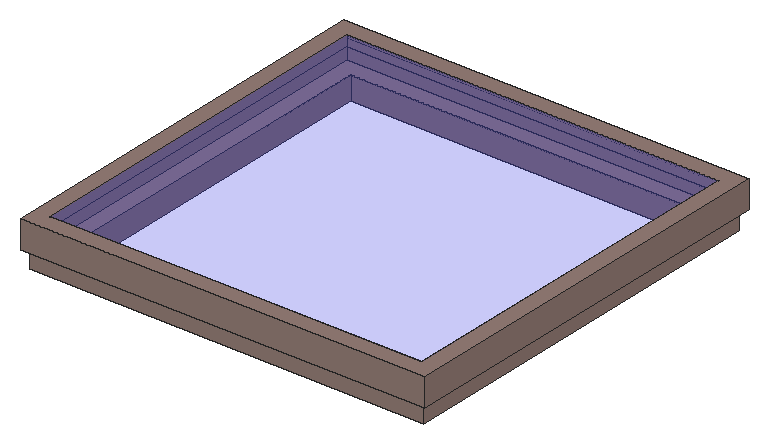
Revit family "M_Claraboia-plana", category Janelas, Revit 2019
Family settings
  Hospedeiro = Telhado
  Número OmniClass = 23.30.30.00
  Título OmniClass = Skylights
  Sempre na vertical = Não
  Corte com vazios quando carregada = Não
  Compartilhado = Não
  Ponto de cálculo do ambiente = Não
Parameters (values of type "900 x 900mm")
  Width = 900 mm
  Visual Light Transmittance = 0.9
  Resistência térmica (R) = 0.174331 (m²·K)/W
  Solar Heat Gain Coefficient = 0.86
  Rough Width = Width + 15 mm  # 915 mm
  Rough Height = Height + 15 mm  # 915 mm
  Height = 900 mm
  Coeficiente de transferência de calor (U) = 5.73618 W/(m²·K)
  Material do painel de vidro = Vidro
  Material da moldura = Metal - Bronze, Escovado leve
  Classificação de incêndio = "0.5h"
  Altura base = 80 mm
  Código de montagem = "B2020100"
  Construção analítica = "Janelas de vidraça única – residencial"
Reference planes
  plane 1 "Centro (Frente/Trás)": y = 0
  plane 2 "Telhado": z = 3657.6
  plane 3 "Centro (Esquerda/Direita)": x = 0
  plane 4: x = -450
  plane 5: x = 450
  plane 6: y = 450
  plane 7: y = -450
  plane 8: y = 386.5
  plane 9: y = -386.5
  plane 10: x = -386.5
  plane 11: x = 386.5
  plane 12: x = -462.7
  plane 13: x = 462.7
  plane 14: y = 462.7
  plane 15: y = -462.7
  plane 16: z = 3887.6
  plane 17: z = 3913
  plane 18: y = 424.6
  plane 19: y = -424.6
  plane 20: x = -424.6
  plane 21: x = 424.6
  plane 22: z = 3862.2
Forms (mm)
  Sweep 1, solid, material "Metal - Bronze, Escovado leve" <- "Material da moldura"
    path origin (0, 0, 3657.6) x (1, 0, 0) y (0, 1, 0)
      loop
        line (-450, 450) -> (-450, -450) -> (450, -450) -> (450, 450) -> (-450, 450)
    profile origin (0, 450, 3657.6) x (0, 1, 0) y (0, 0, 1)
      loop
        line (0, 150) -> (0, 230) -> (-25.4, 230) -> (-25.4, 204.6) -> (-63.5, 204.6) -> (-63.5, 150) -> (0, 150)
  Sweep 2, solid, material "Metal - Bronze, Escovado leve" <- "Material da moldura"
    path origin (0, 0, 3657.6) x (1, 0, 0) y (0, 1, 0)
      loop
        line (-450, 450) -> (-450, -450) -> (450, -450) -> (450, 450) -> (-450, 450)
    profile origin (0, 450, 3657.6) x (0, 1, 0) y (0, 0, 1)
      loop
        line (-25.4, 230) -> (0, 230) -> (0, 191.9) -> (12.7, 191.9) -> (12.7, 255.4) -> (-25.4, 255.4) -> (-25.4, 230)
  Extrusion 3, solid, material "Vidro" <- "Material do painel de vidro"
    sketch origin (-228.6, -4572, 3913) x (-1, 0, 0) y (0, -1, 0)
      loop
        line (196, -4996.6) -> (196, -4147.4) -> (-653.2, -4147.4) -> (-653.2, -4996.6) -> (196, -4996.6)
    from 0 to -5.556
Lines and regions (mm)
  Opening 1
    outline origin (0, 0, 3807.6) x (0, 1, 0) y (-1, 0, 0)
      loop
        line (386.5, 386.5) -> (-386.5, 386.5) -> (-386.5, -386.5) -> (386.5, -386.5) -> (386.5, 386.5)
Dimensions and locks
  equal spacing: host sketch curve, plane 3 "Centro (Esquerda/Direita)", host sketch curve
  equal spacing: host sketch curve, plane 1 "Centro (Frente/Trás)", host sketch curve
  equal spacing: plane 6, plane 1 "Centro (Frente/Trás)", plane 7
  equal spacing: plane 4, plane 3 "Centro (Esquerda/Direita)", plane 5
  "Width": plane 4 to plane 5
  "Height": plane 6 to plane 7
  locked: plane 6 to plane 8 at 63.5
  locked: plane 9 to plane 7 at 63.5
  locked: plane 4 to plane 10 at 63.5
  locked: plane 11 to plane 5 at 63.5
  locked: plane 12 to plane 4 at 12.7
  locked: plane 5 to plane 13 at 12.7
  locked: plane 7 to plane 15 at 12.7
  "Altura base": host roof to plane 16
  locked: plane 17 to plane 16 at 25.4
  locked: Sweep 2 sketch curve to plane 16 at 38.1
  locked: plane 6 to plane 18 at 25.4
  locked: plane 19 to plane 7 at 25.4
  locked: plane 4 to plane 20 at 25.4
  locked: plane 21 to plane 5 at 25.4
  locked: plane 22 to plane 16 at 25.4
  locked: plane 14 to plane 6 at 12.7
  aligned and locked: plane 2 "Telhado" to level
  aligned and locked: Opening 1 sketch curve to plane 8
  aligned and locked: plane 10 to Opening 1 sketch curve
  aligned and locked: plane 9 to Opening 1 sketch curve
  aligned and locked: Opening 1 sketch curve to plane 11
  aligned and locked: Sweep 1 sketch curve to plane 6  (x2)
  aligned and locked: plane 4 to Sweep 1 sketch curve
  aligned and locked: plane 7 to Sweep 1 sketch curve
  aligned and locked: Sweep 1 sketch curve to plane 5
  aligned and locked: host roof to Sweep 1 sketch curve
  aligned and locked: plane 16 to Sweep 1 sketch curve
  aligned and locked: Sweep 2 sketch curve to Sweep 1  (x4)
  aligned and locked: plane 17 to Sweep 2 sketch curve
  aligned and locked: plane 14 to Sweep 2 sketch curve
  aligned and locked: Sweep 2 sketch curve to plane 6
  aligned and locked: plane 16 to Sweep 2 sketch curve
  aligned and locked: plane 18 to Sweep 2 sketch curve
  aligned and locked: Extrusion 3 to plane 21
  aligned and locked: plane 8 to Sweep 1 sketch curve
  aligned and locked: Sweep 1 sketch curve to plane 18
  aligned and locked: Sweep 1 sketch curve to plane 22
  aligned and locked: Extrusion 3 sketch curve to plane 19
  aligned and locked: plane 20 to Extrusion 3 sketch curve
  aligned and locked: Extrusion 3 to plane 18
Automatic sketch dimensions
  plane 18 to Extrusion 3 sketch curve = 0 mm
  plane 11 to Extrusion 3 sketch curve = 38.1 mm
Types in the file's own list only (17): name | Largura | Transmissão de luz visual | Resistência térmica (R) | Coeficiente de ganho de calor solar | Largura bruta | Altura bruta | Altura | Coeficiente de transferência de calor (U)
  600 x 600mm | 600 mm | 0.9 | 0.1743 (m²·K)/W | 0.86 | 615 mm | 615 mm | 600 mm | 5.7362 W/(m²·K)
  600 x 800mm | 600 mm | 0.9 | 0.1743 (m²·K)/W | 0.86 | 615 mm | 815 mm | 800 mm | 5.7362 W/(m²·K)
  600 x 900mm | 600 mm | 0.9 | 0.1743 (m²·K)/W | 0.86 | 615 mm | 915 mm | 900 mm | 5.7362 W/(m²·K)
  600 x 1200mm | 600 mm | 0.9 | 0.1743 (m²·K)/W | 0.86 | 615 mm | 1215 mm | 1200 mm | 5.7362 W/(m²·K)
  800 x 600mm | 800 mm | 0.9 | 0.1743 (m²·K)/W | 0.86 | 815 mm | 615 mm | 600 mm | 5.7362 W/(m²·K)
  800 x 800mm | 800 mm | 0.9 | 0.1743 (m²·K)/W | 0.86 | 815 mm | 815 mm | 800 mm | 5.7362 W/(m²·K)
  800 x 900mm | 800 mm | 0.9 | 0.1743 (m²·K)/W | 0.86 | 815 mm | 915 mm | 900 mm | 5.7362 W/(m²·K)
  900 x 600mm | 900 mm | 0.9 | 0.1743 (m²·K)/W | 0.86 | 915 mm | 615 mm | 600 mm | 5.7362 W/(m²·K)
  900 x 800mm | 900 mm | 0.9 | 0.1743 (m²·K)/W | 0.86 | 915 mm | 815 mm | 800 mm | 5.7362 W/(m²·K)
  900 x 1200mm | 900 mm | 0.9 | 0.1743 (m²·K)/W | 0.86 | 915 mm | 1215 mm | 1200 mm | 5.7362 W/(m²·K)
  1200 x 600mm | 1200 mm | 0.9 | 0.1743 (m²·K)/W | 0.86 | 1215 mm | 615 mm | 600 mm | 5.7362 W/(m²·K)
  1200 x 800mm | 1200 mm | 0.9 | 0.1743 (m²·K)/W | 0.86 | 1215 mm | 815 mm | 800 mm | 5.7362 W/(m²·K)
  1200 x 900mm | 1200 mm | 0.9 | 0.1743 (m²·K)/W | 0.86 | 1215 mm | 915 mm | 900 mm | 5.7362 W/(m²·K)
  1200 x 1200mm | 1200 mm | 0.9 | 0.1743 (m²·K)/W | 0.86 | 1215 mm | 1215 mm | 1200 mm | 5.7362 W/(m²·K)
  1500 x 600mm | 1500 mm | 0.9 | 0.1743 (m²·K)/W | 0.86 | 1515 mm | 615 mm | 600 mm | 5.7362 W/(m²·K)
  1500 x 800mm | 1500 mm | 0.9 | 0.1743 (m²·K)/W | 0.86 | 1515 mm | 815 mm | 800 mm | 5.7362 W/(m²·K)
  1500 x 900mm | 1500 mm | 0.9 | 0.1743 (m²·K)/W | 0.86 | 1515 mm | 915 mm | 900 mm | 5.7362 W/(m²·K)
